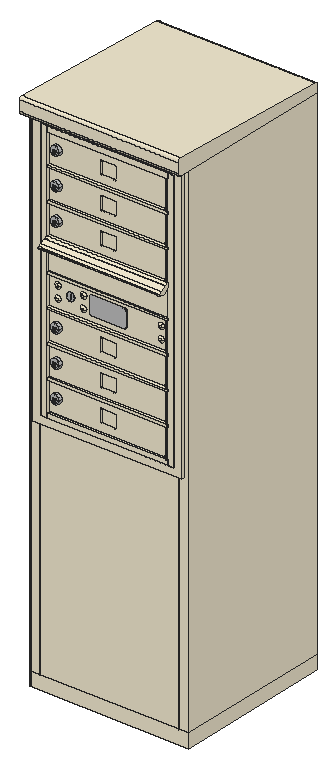
Revit family "Mailboxes_4C-Salsbury_Industries-Free_Standing-8_Door_High_Units", category Specialty Equipment, Revit 2016 (continued)
Definition of nested family "Mailboxes_4C-Salsbury_Industries-Front_Load-8_Door_High_Units"
  Definition of nested family "3700 Series 4C Door Configurations"
    Forms (in)
      Extrusion 4, void, detail levels fine
        sketch origin (0, -0.42383, 0) x (1, 0, 0) y (0, 0, 1)
          loop
            circle (-5.8125, 4.99523) r 0.285
        from 0 to -0.01562
      Extrusion 5, void, detail levels fine
        sketch origin (0, -0.42383, 0) x (1, 0, 0) y (0, 0, 1)
          loop
            line (-5.84183, 5.12353) -> (-5.84183, 4.82353) -> (-5.78183, 4.82353) -> (-5.78183, 5.12353) -> (-5.84183, 5.12353)
        from 0 to -0.03906
      Extrusion 6, void, detail levels fine
        sketch origin (0, -0.12695, 0) x (0, 0, 1) y (-1, 0, 0)
          loop
            arc (5.86523, 0.8475) -> (5.82862, 0.93589) -> (5.74023, 0.9725) r 0.125
            line (5.74023, 0.9725) -> (4.49023, 0.9725)
            arc (4.49023, 0.9725) -> (4.40185, 0.93589) -> (4.36523, 0.8475) r 0.125
            line (4.36523, 0.8475) -> (4.36523, -0.6525)
            arc (4.36523, -0.6525) -> (4.40185, -0.74089) -> (4.49023, -0.7775) r 0.125
            line (4.49023, -0.7775) -> (5.74023, -0.7775)
            arc (5.74023, -0.7775) -> (5.82862, -0.74089) -> (5.86523, -0.6525) r 0.125
            line (5.86523, -0.6525) -> (5.86523, 0.8475)
        from 0 to -0.03906
    Cuts and joins
      Extrusion 4, Extrusion 5 cuts Blend 2
      Extrusion 6 cuts Extrusion 1
    Lines and regions (in)
      symbolic lines
        curve 1: circle (-5.8125, 0, 5.11523) r 0.53054 normal (0, -1, 0)
    Dimensions and locks (in)
      equal spacing: plane 6 "Back Face of Door", plane 1 "Center (Front/Back)", plane 7 "Front Face of Door"
      "Door Depth": plane 6 "Back Face of Door" to plane 7 "Front Face of Door"
      equal spacing: plane 4 "Left Side Face of Door", plane 3 "Center (Left/Right)", plane 5 "Right Side Face of Door"  (x2)
      "Door Width": plane 4 "Left Side Face of Door" to plane 5 "Right Side Face of Door"
      locked: plane 7 "Front Face of Door" to plane 10 "Face of Divider" at 0.343
      "Center Lock-Vertical": plane 4 "Left Side Face of Door" to plane 11 "Center Lock Vertical"
      "Inset Offset": plane 16 "Inset Offset" to plane 7 "Front Face of Door"
      plane 4 "Left Side Face of Door" to plane 5 "Right Side Face of Door" = 13.375"
      plane 6 "Back Face of Door" to plane 10 "Face of Divider" = 0.59691"
      "Door Height": plane 8 to plane 2 "Bottom of Door"
      equal spacing: plane 8, plane 9, plane 2 "Bottom of Door"
      locked: plane 14 "Divider Height Align" to plane 8 at 0.27
      plane 17 to plane 9 to plane 18 = 0.37515" locked, 0.37452" locked
      aligned and locked: level to plane 2 "Bottom of Door"
      aligned and locked: plane 4 "Left Side Face of Door" to Extrusion 1
      aligned and locked: plane 6 "Back Face of Door" to Extrusion 1
      aligned and locked: plane 7 "Front Face of Door" to Extrusion 1
      aligned and locked: plane 8 to Extrusion 1
      aligned and locked: Extrusion 3 sketch curve to plane 4 "Left Side Face of Door"
      aligned and locked: Extrusion 3 sketch curve to plane 6 "Back Face of Door"
      aligned and locked: plane 5 "Right Side Face of Door" to Extrusion 3 sketch curve
      aligned and locked: Extrusion 3 to plane 8
      aligned and locked: plane 10 "Face of Divider" to Extrusion 3 sketch curve
      aligned and locked: plane 14 "Divider Height Align" to Extrusion 3
      aligned and locked: cut or joined group of Extrusion 1, Extrusion 6 to plane 2 "Bottom of Door"
      aligned and locked: plane 18 to text3d elem
    Automatic sketch dimensions
      Extrusion 1 sketch curve to plane 4 "Left Side Face of Door" = 0.000"
      Extrusion 1 sketch curve to plane 6 "Back Face of Door" = 0.000"
      Extrusion 1 sketch curve to plane 7 "Front Face of Door" = 0.000"
      Extrusion 1 sketch curve to plane 5 "Right Side Face of Door" = 0.000"
      Extrusion 1 sketch curve to plane 4 "Left Side Face of Door" = 0.252"
      plane 5 "Right Side Face of Door" to Extrusion 1 sketch curve = 0.63125"
      Extrusion 1 sketch curve to plane 7 "Front Face of Door" = 0.10935"
      plane 5 "Right Side Face of Door" to Extrusion 1 sketch curve = 0.195"
      Extrusion 1 sketch curve to plane 7 "Front Face of Door" = 0.14468"
      plane 10 "Face of Divider" to Extrusion 1 sketch curve = 0.12271"
      plane 1 "Center (Front/Back)" to Extrusion 1 sketch curve = 0.05445"
      plane 10 "Face of Divider" to Extrusion 1 sketch curve = 0.16676"
      Blend 2 sketch curve to plane 9 = 0.000"  (x2)
      plane 11 "Center Lock Vertical" to Blend 2 sketch curve = 0.000"  (x2)
      plane 11 "Center Lock Vertical" to Extrusion 4 sketch curve = 0.000"
      Extrusion 4 sketch curve to plane 9 = 0.120"
      Extrusion 4 sketch curve to Extrusion 4 sketch curve = 0.285"
      plane 11 "Center Lock Vertical" to Extrusion 5 sketch curve = 0.02933"
      Extrusion 5 sketch curve to plane 11 "Center Lock Vertical" = 0.03067"
      Extrusion 5 sketch curve to plane 9 = 0.2917"
      plane 9 to Extrusion 5 sketch curve = 0.0083"
      Extrusion 6 sketch curve to plane 9 = 0.750"
      Extrusion 6 sketch curve to Extrusion 6 sketch curve = 0.125"  (x3)
      plane 9 to Extrusion 6 sketch curve = 0.625"  (x2)
      plane 3 "Center (Left/Right)" to Extrusion 6 sketch curve = 0.7775"
      plane 15 "Inset Center" to Extrusion 6 sketch curve = 0.750"
      curve 1 to plane 9 = 0.000"
      plane 11 "Center Lock Vertical" to curve 1 = 0.000"
      radius of Blend 2 sketch curve = 0.525"
      radius of Blend 2 sketch curve = 0.485"
      radius of curve 1 = 0.53054"
  Definition of nested family "3700 Series 4C OM2 Configuration"
    Parameters (values of type "OM2-FL")
      Weight = ""
      URL = ""
      Access Lock Offset = 0.000"
      Access Lock = yes
      Model = "3700OM2-FL"
      Manufacturer = "Salsbury Industries"
      Lock Material = none
      Front Panel Material = none
      Door Width = 13.375"
      Door Number [instance] = "101"
      Door Height = 7.00047"
      Door Depth = 0.25391"
      Description = "OM2 Door for 3700 Series 4C Mailboxes-Front Loading"
      Cost = 0
      Center Lock-Vertical = 2.360"
      Center Lock-Horizontal = 1.61523"
    Types (3): name | Access Lock Offset | Access Lock | Model | Description
      (no name) | 0.000" | yes | "3700OM2-FL" | "OM2 Door for 3700 Series 4C Mailboxes-Front Loading"
      OM2-FL | 0.000" | yes | "3700OM2-FL" | "OM2 Door for 3700 Series 4C Mailboxes-Front Loading"
      OM2-RL | 0.3125" | no | "3700OM2-RL" | "OM2 Door for 3700 Series 4C Mailboxes-Rear Loading"
    Reference planes (in)
      plane 1 "Center (Front/Back)": y = 0
      plane 2 "Bottom of Door": z = 0
      plane 3 "Center (Left/Right)": x = 0
      plane 4 "Left Side Face of Door": x = -6.6875
      plane 5 "Right Side Face of Door": x = 6.6875
      plane 6 "Back Face of Door": y = 0.12695
      plane 7 "Front Face of Door": y = -0.12695
      plane 8: z = 3.23047
      plane 9: z = 1.61523
      plane 10: y = -0.46995
      plane 11 "Center Lock Vertical": x = -4.3275
      plane 12 "Center Lock Horizontal": z = 1.61523
      plane 13 "Face of Lock": y = -0.42383
      plane 14 "Divider Height Align": z = 3.50047
      plane 15 "Plate Center": x = -0.16063
      plane 16 "Left Stud Align": x = -5.7025
      plane 17 "Right Stud Align": x = -2.8895
      plane 18 "Top Stud Align": z = 2.27147
      plane 19 "Bottom Stud Align": z = 0.95947
      plane 20 "Hinge Stud Align": x = 5.6875
      plane 21 "Mail Plate Top": z = 2.61547
      plane 22 "Mail Plate Bottom": z = 0.61547
      plane 23: x = -2.1595
      plane 24: x = 1.8405
      plane 25 "Face of Mail Plate": y = -0.16602
      plane 26 "Top of Mail Drop Door": z = 6.73094
      plane 27 "Top of Mail Drop Divider": z = 7.00047
      plane 28 "Face of Mail Drop": y = -0.31995
      plane 29 "Top of Mail Slot": z = 6.42087
      plane 30 "Bottom of Mail Slot": z = 5.67087
      plane 31 "Left Edge of Mail Slot": x = -5.3755
      plane 32 "Right Edge of Mail Slot": x = 5.3755
      plane 33 "Mail Slot Bottom Protusion": z = 6.50987
      plane 34: y = -0.49395
      plane 35: z = 6.15637
      plane 36 "Front of Awning": y = -1.63495
      plane 37: y = -1.15685
      plane 38 "Mail Slot Slope": through (-240, -0.44582, 6.9722) normal (0, -0.5, 0.866)
      plane 39 "Access Lock Offset": y = 0.12695
    Forms (in)
      Extrusion 1, solid, material <- "Front Panel Material"
        sketch origin (0, 0, 0) x (1, 0, 0) y (0, 1, 0)
          loop
            line (-6.4355, 0.12695) -> (-6.6875, -0.05445) -> (-6.6875, -0.12695) -> (6.05625, -0.12695)
            arc (6.05625, -0.12695) -> (6.19558, -0.17661) -> (6.27209, -0.3032) r 0.22029
            arc (6.27209, -0.3032) -> (6.3553, -0.42132) -> (6.4925, -0.46664) r 0.23034
            arc (6.4925, -0.46664) -> (6.63039, -0.40952) -> (6.6875, -0.27164) r 0.195
            line (6.6875, -0.27164) -> (6.6875, 0.12695) -> (-6.4355, 0.12695)
        from 0 to 3.23047
      Extrusion 2, solid, material <- "Front Panel Material"
        sketch origin (0, 0, 3.50047) x (-1, 0, 0) y (0, -1, 0)
          loop
            line (6.6875, -0.12695) -> (6.6875, 0.46995) -> (-6.6875, 0.46995) -> (-6.6875, -0.12695) -> (6.6875, -0.12695)
        from -0.27 to 0
      Extrusion 3, void
        sketch origin (0, 0.12695, 0) x (0, 0, -1) y (-1, 0, 0)
          loop
            circle (-1.61523, 4.3275) r 0.4375
        from 0 to -0.25391
      Extrusion 4, solid, material <- "Lock Material", visible <- "Access Lock"
        sketch origin (0, 0.12695, 0) x (0, 0, -1) y (-1, 0, 0)
          loop
            circle (-1.61523, 4.3275) r 0.42913
        from 0 to -0.25391
      Extrusion 5, void, detail levels fine
        sketch origin (0, 0.12695, 3.4) x (-1, 0, 0) y (0, 0, 1)
          loop
            line (4.3568, -1.47517) -> (4.2982, -1.47517) -> (4.2982, -2.09436) -> (4.3568, -2.09436) -> (4.3568, -1.47517)
        from -0.12695 to -0.25391
      Blend 6, solid, material <- "Front Panel Material", detail levels medium+fine
        base sketch origin (0, -0.12695, 2.68123) x (-1, 0, 0) y (0, 0, 1)
          loop
            circle (5.7025, -0.40977) r 0.15665
        top sketch origin (0, -0.12695, 2.68123) x (-1, 0, 0) y (0, 0, 1)
          loop
            circle (5.7025, -0.40977) r 0.3125
        from -0.11328 to 0
      Blend 7, solid, material <- "Front Panel Material", detail levels medium+fine
        base sketch origin (1.3125, -0.12695, 2.68123) x (-1, 0, 0) y (0, 0, 1)
          loop
            circle (4.202, -0.40977) r 0.15665
        top sketch origin (1.3125, -0.12695, 2.68123) x (-1, 0, 0) y (0, 0, 1)
          loop
            circle (4.202, -0.40977) r 0.3125
        from -0.11328 to 0
      Blend 8, solid, material <- "Front Panel Material", detail levels medium+fine
        base sketch origin (0, -0.12695, 1.36923) x (-1, 0, 0) y (0, 0, 1)
          loop
            circle (5.7025, -0.40977) r 0.15665
        top sketch origin (0, -0.12695, 1.36923) x (-1, 0, 0) y (0, 0, 1)
          loop
            circle (5.7025, -0.40977) r 0.3125
        from -0.11328 to 0
      Blend 9, solid, material <- "Front Panel Material", detail levels medium+fine
        base sketch origin (1.3125, -0.12695, 1.36923) x (-1, 0, 0) y (0, 0, 1)
          loop
            circle (4.202, -0.40977) r 0.15665
        top sketch origin (1.3125, -0.12695, 1.36923) x (-1, 0, 0) y (0, 0, 1)
          loop
            circle (4.202, -0.40977) r 0.3125
        from -0.11328 to 0
      Blend 10, solid, material <- "Front Panel Material", detail levels medium+fine
        base sketch origin (9.8895, -0.12695, 2.68123) x (-1, 0, 0) y (0, 0, 1)
          loop
            circle (4.202, -0.40977) r 0.15665
        top sketch origin (9.8895, -0.12695, 2.68123) x (-1, 0, 0) y (0, 0, 1)
          loop
            circle (4.202, -0.40977) r 0.3125
        from -0.11328 to 0
      Blend 11, solid, material <- "Front Panel Material", detail levels medium+fine
        base sketch origin (9.8895, -0.12695, 1.36923) x (-1, 0, 0) y (0, 0, 1)
          loop
            circle (4.202, -0.40977) r 0.15665
        top sketch origin (9.8895, -0.12695, 1.36923) x (-1, 0, 0) y (0, 0, 1)
          loop
            circle (4.202, -0.40977) r 0.3125
        from -0.11328 to 0
      Extrusion 12, solid, material <- "Lock Material"
        sketch origin (0, -0.12695, 0) x (-1, 0, 0) y (0, 0, 1)
          loop
            line (1.96028, 2.61547) -> (-1.64128, 2.61547)
            arc (-1.64128, 2.61547) -> (-1.78215, 2.55712) -> (-1.8405, 2.41625) r 0.19922
            line (-1.8405, 2.41625) -> (-1.8405, 0.81469)
            arc (-1.8405, 0.81469) -> (-1.78215, 0.67382) -> (-1.64128, 0.61547) r 0.19922
            line (-1.64128, 0.61547) -> (1.96028, 0.61547)
            arc (1.96028, 0.61547) -> (2.10115, 0.67382) -> (2.1595, 0.81469) r 0.19922
            line (2.1595, 0.81469) -> (2.1595, 2.41625)
            arc (2.1595, 2.41625) -> (2.10115, 2.55712) -> (1.96028, 2.61547) r 0.19922
        from 0 to -0.03906
      Extrusion 13, solid, material <- "Front Panel Material"
        sketch origin (-2.13946, 0, 3.50047) x (-1, 0, 0) y (0, -1, 0)
          loop
            line (4.54804, -0.12695) -> (4.54804, 0.31995) -> (-8.82696, 0.31995) -> (-8.82696, -0.12695) -> (4.54804, -0.12695)
        from 0 to 3.0094
      Extrusion 14, void
        sketch origin (0, -0.31995, 0) x (0, 0, -1) y (-1, 0, 0)
          loop
            arc (-5.67087, 5.0005) -> (-6.04587, 5.3755) -> (-6.42087, 5.0005) r 0.375
            line (-6.42087, 5.0005) -> (-6.42087, -5.0005)
            arc (-6.42087, -5.0005) -> (-6.04587, -5.3755) -> (-5.67087, -5.0005) r 0.375
            line (-5.67087, -5.0005) -> (-5.67087, 5.0005)
        from 0 to 0.44691
      Extrusion 15, solid, material <- "Front Panel Material"
        sketch origin (0, 0, 0) x (0, 1, 0) y (0, 0, 1)
          loop
            line (0.12695, 6.50987) -> (0.12695, 7.00047) -> (-0.46995, 7.00047) -> (-0.75605, 6.83078) -> (-0.73973, 6.80251) -> (-1.27431, 6.49388) -> (-1.29063, 6.52214) -> (-1.61027, 6.3376)
            arc (-1.61027, 6.3376) -> (-1.63087, 6.31111) -> (-1.62714, 6.27777) r 0.04454
            line (-1.62714, 6.27777) -> (-1.5282, 6.17883)
            arc (-1.5282, 6.17883) -> (-1.4937, 6.16211) -> (-1.4558, 6.15637) r 0.12791
            line (-1.4558, 6.15637) -> (-1.10623, 6.15637) -> (-0.49395, 6.50987) -> (0.12695, 6.50987)
        from -6.6875 to 6.6875
    Cuts and joins
      Extrusion 3 cuts Extrusion 1
      Extrusion 5 cuts Extrusion 4
      Extrusion 14 cuts Extrusion 13
    Lines and regions (in)
      symbolic lines
        curve 1: circle (-5.7025, -0.12695, 2.27147) r 0.3125 normal (0, 1, 0)
        curve 2: circle (-5.7025, -0.12695, 0.95947) r 0.3125 normal (0, 1, 0)
        curve 3: circle (-2.8895, -0.12695, 0.95947) r 0.3125 normal (0, 1, 0)
        curve 4: circle (-2.8895, -0.12695, 2.27147) r 0.3125 normal (0, 1, 0)
        curve 5: circle (-4.3275, -0.12695, 1.61523) r 0.42913 normal (0, 1, 0)
        curve 6: circle (5.6875, -0.12695, 0.95947) r 0.3125 normal (0, 1, 0)
        curve 7: circle (5.6875, -0.12695, 2.27147) r 0.3125 normal (0, 1, 0)
        curve 8: arc (-2.1595, -0.12695, 2.41625) -> (-2.10115, -0.12695, 2.55712) -> (-1.96028, -0.12695, 2.61547) r 0.19922
        curve 9: arc (1.8405, -0.12695, 2.41625) -> (1.78215, -0.12695, 2.55712) -> (1.64128, -0.12695, 2.61547) r 0.19922
        curve 10: arc (1.8405, -0.12695, 0.81469) -> (1.78215, -0.12695, 0.67382) -> (1.64128, -0.12695, 0.61547) r 0.19922
        curve 11: arc (-1.96028, -0.12695, 0.61547) -> (-2.10115, -0.12695, 0.67382) -> (-2.1595, -0.12695, 0.81469) r 0.19922
        curve 12: line (-2.1595, -0.12695, 0.81469) -> (-2.1595, -0.12695, 2.41625)
        curve 13: line (-1.96028, -0.12695, 2.61547) -> (1.64128, -0.12695, 2.61547)
        curve 14: line (1.8405, -0.12695, 2.41625) -> (1.8405, -0.12695, 0.81469)
        curve 15: line (1.64128, -0.12695, 0.61547) -> (-1.96028, -0.12695, 0.61547)
    Dimensions and locks (in)
      equal spacing: plane 6 "Back Face of Door", plane 1 "Center (Front/Back)", plane 7 "Front Face of Door"
      "Door Depth": plane 6 "Back Face of Door" to plane 7 "Front Face of Door"
      equal spacing: plane 4 "Left Side Face of Door", plane 3 "Center (Left/Right)", plane 5 "Right Side Face of Door"
      "Door Width": plane 4 "Left Side Face of Door" to plane 5 "Right Side Face of Door"
      plane 8 to level = 3.23047"
      equal spacing: plane 8, plane 9, level
      locked: plane 7 "Front Face of Door" to plane 10 at 0.343
      "Center Lock-Vertical": plane 4 "Left Side Face of Door" to plane 11 "Center Lock Vertical"
      "Center Lock-Horizontal": plane 8 to plane 12 "Center Lock Horizontal"
      locked: plane 14 "Divider Height Align" to plane 8 at 0.27
      plane 4 "Left Side Face of Door" to plane 16 "Left Stud Align" to plane 17 "Right Stud Align" = 0.985", 2.813"
      plane 8 to plane 18 "Top Stud Align" to plane 19 "Bottom Stud Align" = 0.959", 1.312"
      plane 20 "Hinge Stud Align" to plane 5 "Right Side Face of Door" = 1.000"
      plane 8 to plane 21 "Mail Plate Top" to plane 22 "Mail Plate Bottom" = 0.615", 2.000"
      plane 4 "Left Side Face of Door" to plane 23 to plane 24 = 4.528", 4.000"
      plane 27 "Top of Mail Drop Divider" to plane 26 "Top of Mail Drop Door" to plane 14 "Divider Height Align" = 0.26953" locked, 3.23047"
      "Door Height": plane 27 "Top of Mail Drop Divider" to level
      plane 28 "Face of Mail Drop" to plane 10 = 0.150"
      locked: plane 27 "Top of Mail Drop Divider" to plane 29 "Top of Mail Slot" at 0.5796
      locked: plane 29 "Top of Mail Slot" to plane 30 "Bottom of Mail Slot" at 0.75
      locked: plane 4 "Left Side Face of Door" to plane 31 "Left Edge of Mail Slot" at 1.312
      locked: plane 32 "Right Edge of Mail Slot" to plane 5 "Right Side Face of Door" at 1.312
      locked: plane 33 "Mail Slot Bottom Protusion" to plane 29 "Top of Mail Slot" at 0.089
      plane 28 "Face of Mail Drop" to plane 34 = 0.174"
      plane 33 "Mail Slot Bottom Protusion" to plane 35 = 0.3535"
      plane 28 "Face of Mail Drop" to plane 36 "Front of Awning" = 1.315"
      plane 4 "Left Side Face of Door" to plane 5 "Right Side Face of Door" = 13.375"
      plane 6 "Back Face of Door" to plane 36 "Front of Awning" = 1.76191"
      "Access Lock Offset": plane 39 "Access Lock Offset" to plane 6 "Back Face of Door"
      aligned and locked: level to plane 2 "Bottom of Door"
      aligned and locked: plane 4 "Left Side Face of Door" to Extrusion 1
      aligned and locked: plane 6 "Back Face of Door" to Extrusion 1
      aligned and locked: plane 7 "Front Face of Door" to Extrusion 1
      aligned and locked: Extrusion 1 to level
      aligned and locked: plane 8 to Extrusion 1
      aligned and locked: Extrusion 2 sketch curve to plane 4 "Left Side Face of Door"
      aligned and locked: Extrusion 2 sketch curve to plane 6 "Back Face of Door"
      aligned and locked: plane 5 "Right Side Face of Door" to Extrusion 2 sketch curve
      aligned and locked: Extrusion 2 to plane 8
      aligned and locked: plane 10 to Extrusion 2 sketch curve
      aligned and locked: plane 14 "Divider Height Align" to Extrusion 2
      aligned and locked: plane 4 "Left Side Face of Door" to Extrusion 2
      aligned and locked: Extrusion 2 to plane 5 "Right Side Face of Door"
      aligned and locked: Extrusion 13 to plane 28 "Face of Mail Drop"
      aligned and locked: plane 29 "Top of Mail Slot" to Extrusion 14 sketch curve
      aligned and locked: cut or joined group of Extrusion 13, Extrusion 14 to cut or joined group of Extrusion 13, Extrusion 14
      aligned and locked: cut or joined group of Extrusion 1, Extrusion 3 to plane 2 "Bottom of Door"
    Automatic sketch dimensions
      Extrusion 1 sketch curve to plane 4 "Left Side Face of Door" = 0.000"
      Extrusion 1 sketch curve to plane 6 "Back Face of Door" = 0.000"
      Extrusion 1 sketch curve to plane 7 "Front Face of Door" = 0.000"
      Extrusion 1 sketch curve to plane 5 "Right Side Face of Door" = 0.000"
      Extrusion 1 sketch curve to plane 4 "Left Side Face of Door" = 0.252"
      Extrusion 1 sketch curve to plane 20 "Hinge Stud Align" = 0.36875"
      Extrusion 1 sketch curve to plane 25 "Face of Mail Plate" = 0.07029"
      plane 5 "Right Side Face of Door" to Extrusion 1 sketch curve = 0.195"
      Extrusion 1 sketch curve to plane 25 "Face of Mail Plate" = 0.10562"
      Extrusion 1 sketch curve to plane 13 "Face of Lock" = 0.07658"
      plane 1 "Center (Front/Back)" to Extrusion 1 sketch curve = 0.05445"
      Extrusion 1 sketch curve to plane 13 "Face of Lock" = 0.12063"
      Extrusion 5 sketch curve to plane 11 "Center Lock Vertical" = 0.0293"
      plane 11 "Center Lock Vertical" to Extrusion 5 sketch curve = 0.0293"
      Extrusion 5 sketch curve to plane 9 = 0.30959"
      plane 9 to Extrusion 5 sketch curve = 0.30959"
      plane 16 "Left Stud Align" to Blend 6 sketch curve = 0.000"  (x2)
      Blend 6 sketch curve to plane 18 "Top Stud Align" = 0.000"  (x2)
      plane 17 "Right Stud Align" to Blend 7 sketch curve = 0.000"  (x2)
      Blend 7 sketch curve to plane 18 "Top Stud Align" = 0.000"  (x2)
      plane 16 "Left Stud Align" to Blend 8 sketch curve = 0.000"  (x2)
      Blend 8 sketch curve to plane 19 "Bottom Stud Align" = 0.000"  (x2)
      plane 17 "Right Stud Align" to Blend 9 sketch curve = 0.000"  (x2)
      Blend 9 sketch curve to plane 19 "Bottom Stud Align" = 0.000"  (x2)
      Blend 10 sketch curve to plane 18 "Top Stud Align" = 0.000"  (x2)
      plane 20 "Hinge Stud Align" to Blend 10 sketch curve = 0.000"  (x2)
      Blend 11 sketch curve to plane 19 "Bottom Stud Align" = 0.000"  (x2)
      plane 20 "Hinge Stud Align" to Blend 11 sketch curve = 0.000"  (x2)
      plane 24 to Extrusion 12 sketch curve = 0.000"
      Extrusion 12 sketch curve to plane 22 "Mail Plate Bottom" = 0.000"
      Extrusion 12 sketch curve to plane 21 "Mail Plate Top" = 0.000"
      plane 23 to Extrusion 12 sketch curve = 0.000"
      plane 24 to Extrusion 12 sketch curve = 0.19922"  (x2)
      plane 18 "Top Stud Align" to Extrusion 12 sketch curve = 0.14478"
      Extrusion 12 sketch curve to plane 23 = 0.19922"
      Extrusion 13 sketch curve to plane 5 "Right Side Face of Door" = 0.000"
      Extrusion 13 sketch curve to plane 4 "Left Side Face of Door" = 0.000"
      Extrusion 13 sketch curve to plane 6 "Back Face of Door" = 0.000"
      Extrusion 13 sketch curve to plane 7 "Front Face of Door" = 0.193"
      Extrusion 14 sketch curve to plane 30 "Bottom of Mail Slot" = 0.000"
      plane 32 "Right Edge of Mail Slot" to Extrusion 14 sketch curve = 0.375"
      Extrusion 14 sketch curve to plane 31 "Left Edge of Mail Slot" = 0.375"
      Extrusion 15 sketch curve to plane 35 = 0.000"
      Extrusion 15 sketch curve to plane 33 "Mail Slot Bottom Protusion" = 0.000"
      Extrusion 15 sketch curve to plane 34 = 0.000"
      Extrusion 15 sketch curve to plane 27 "Top of Mail Drop Divider" = 0.000"
      Extrusion 15 sketch curve to plane 6 "Back Face of Door" = 0.000"
      plane 26 "Top of Mail Drop Door" to Extrusion 15 sketch curve = 0.07158"
      Extrusion 15 sketch curve to plane 34 = 0.24578"
      plane 26 "Top of Mail Drop Door" to Extrusion 15 sketch curve = 0.09984"
      Extrusion 15 sketch curve to Extrusion 15 sketch curve = 0.01632"
      plane 37 to Extrusion 15 sketch curve = 0.05062"
      Extrusion 15 sketch curve to plane 33 "Mail Slot Bottom Protusion" = 0.01599"
      plane 33 "Mail Slot Bottom Protusion" to Extrusion 15 sketch curve = 0.01227"
      plane 36 "Front of Awning" to Extrusion 15 sketch curve = 0.17915"
      plane 35 to Extrusion 15 sketch curve = 0.02246"
      Extrusion 15 sketch curve to Extrusion 15 sketch curve = 0.0724"
      plane 36 "Front of Awning" to Extrusion 15 sketch curve = 0.04696"
      plane 36 "Front of Awning" to Extrusion 15 sketch curve = 0.02469"
      plane 36 "Front of Awning" to Extrusion 15 sketch curve = 0.00781"
      Extrusion 15 sketch curve to Extrusion 15 sketch curve = 0.05983"
      Extrusion 4 sketch curve to plane 9 = 0.000"
      plane 11 "Center Lock Vertical" to Extrusion 4 sketch curve = 0.000"
      Extrusion 3 sketch curve to plane 9 = 0.000"
      plane 11 "Center Lock Vertical" to Extrusion 3 sketch curve = 0.000"
      curve 6 to plane 19 "Bottom Stud Align" = 0.000"
      plane 20 "Hinge Stud Align" to curve 6 = 0.000"
      curve 7 to plane 18 "Top Stud Align" = 0.000"
      plane 20 "Hinge Stud Align" to curve 7 = 0.000"
      plane 24 to curve 14 = 0.000"
      curve 9 to plane 21 "Mail Plate Top" = 0.000"
      curve 11 to plane 22 "Mail Plate Bottom" = 0.000"
      plane 23 to curve 12 = 0.000"
      plane 17 "Right Stud Align" to curve 4 = 0.000"
      plane 17 "Right Stud Align" to curve 3 = 0.000"
      curve 5 to plane 9 = 0.000"
      plane 11 "Center Lock Vertical" to curve 5 = 0.000"
      plane 16 "Left Stud Align" to curve 1 = 0.000"
      plane 16 "Left Stud Align" to curve 2 = 0.000"
      curve 2 to plane 19 "Bottom Stud Align" = 0.000"
      curve 3 to plane 19 "Bottom Stud Align" = 0.000"
      curve 1 to plane 18 "Top Stud Align" = 0.000"
      curve 4 to plane 18 "Top Stud Align" = 0.000"
      plane 18 "Top Stud Align" to curve 9 = 0.14478"
      curve 10 to plane 19 "Bottom Stud Align" = 0.14478"
      plane 18 "Top Stud Align" to curve 8 = 0.14478"
      curve 11 to plane 19 "Bottom Stud Align" = 0.14478"
      radius of Blend 6 sketch curve = 0.15665"
      radius of Blend 6 sketch curve = 0.3125"
      radius of Blend 7 sketch curve = 0.15665"
      radius of Blend 7 sketch curve = 0.3125"
      radius of Blend 8 sketch curve = 0.15665"
      radius of Blend 8 sketch curve = 0.3125"
      radius of Blend 9 sketch curve = 0.15665"
      radius of Blend 9 sketch curve = 0.3125"
      radius of Blend 10 sketch curve = 0.15665"
      radius of Blend 10 sketch curve = 0.3125"
      radius of Blend 11 sketch curve = 0.15665"
      radius of Blend 11 sketch curve = 0.3125"
      radius of Extrusion 4 sketch curve = 0.42913"
      radius of Extrusion 3 sketch curve = 0.4375"
      radius of curve 1 = 0.3125"
      radius of curve 2 = 0.3125"
      radius of curve 3 = 0.3125"
      radius of curve 4 = 0.3125"
      radius of curve 5 = 0.42913"
      radius of curve 6 = 0.3125"
      radius of curve 7 = 0.3125"
Types (11): name | Width | Model | Door Slot R8 Number | Door Slot R7 Number | Door Slot R6 Number | Door Slot R4 Number | Door Slot R3 Number | Door Slot R2 Number | Door Slot R1 Number | Door Slot L8 Number | Door Slot L7 Number | Door Slot L6 Number | Door Slot L5 Number | Door Slot L4 Number | Door Slot L3 Number | Door Slot L2 Number | Door Slot L1 Number | Description | 4C Unit
  3908S-06 | 17.496" | "3908S-06" | "6" | "5" | "4" | "0" | "3" | "2" | "1" | "0" | "0" | "0" | "0" | "0" | "0" | "0" | "0" | "8 Door High Unit:  6 MB1, OM2" | Mailboxes_4C-Salsbury_Industries-Front_Load-8_Door_High_Units : 3708S-06 FL
  3908D-14 | 32.250" | "3908D-14" | "14" | "13" | "12" | "0" | "11" | "10" | "9" | "8" | "7" | "6" | "5" | "4" | "3" | "2" | "1" | "8 Door High Unit:  14 MB1, OM2" | Mailboxes_4C-Salsbury_Industries-Front_Load-8_Door_High_Units : 3708D-14 FL
  3908D-13 | 32.250" | "3908D-13" | "13" | "12" | "0" | "0" | "11" | "10" | "9" | "8" | "7" | "6" | "5" | "4" | "3" | "2" | "1" | "8 Door High Unit:  13 MB1, OM3" | Mailboxes_4C-Salsbury_Industries-Front_Load-8_Door_High_Units : 3708D-13 FL
  3908D-09 | 32.250" | "3908D-09" | "9" | "8" | "7" | "0" | "6" | "5" | "4" | "1P" | "0" | "0" | "0" | "0" | "3" | "2" | "1" | "8 Door High Unit:  9 MB1, 1 PL5, OM2" | Mailboxes_4C-Salsbury_Industries-Front_Load-8_Door_High_Units : 3708D-09 FL
  3908D-07 | 32.250" | "3908D-07" | "7" | "0" | "6" | "0" | "0" | "5" | "0" | "4" | "0" | "3" | "0" | "2" | "0" | "1" | "0" | "8 Door High Unit:  7 MB2, OM2" | Mailboxes_4C-Salsbury_Industries-Front_Load-8_Door_High_Units : 3708D-07 FL
  3908D-04 | 32.250" | "3908D-04" | "4" | "0" | "3" | "0" | "0" | "2" | "0" | "1P" | "0" | "0" | "0" | "0" | "0" | "1" | "0" | "8 Door High Unit:  4 MB2, 1 PL6, OM2" | Mailboxes_4C-Salsbury_Industries-Front_Load-8_Door_High_Units : 3708D-04 FL
  3908S-03 | 17.496" | "3908S-03" | "3" | "0" | "2" | "0" | "0" | "1" | "0" | "0" | "0" | "0" | "0" | "0" | "0" | "0" | "0" | "8 Door High Unit:  3 MB2, OM2" | Mailboxes_4C-Salsbury_Industries-Front_Load-8_Door_High_Units : 3708S-03 FL
  3908S-01 | 17.496" | "3908S-01" | "1P" | "0" | "0" | "0" | "0" | "0" | "1" | "0" | "0" | "0" | "0" | "0" | "0" | "0" | "0" | "8 Door High Unit:  1 MB1, 1 PL5, OM2" | Mailboxes_4C-Salsbury_Industries-Front_Load-8_Door_High_Units : 3708S-01 FL
  3908S-2P | 17.496" | "3908S-2P" | "2P" | "0" | "0" | "1P" | "0" | "0" | "0" | "0" | "0" | "0" | "0" | "0" | "0" | "0" | "0" | "8 Door High Unit:  2 PL4" | Mailboxes_4C-Salsbury_Industries-Front_Load-8_Door_High_Units : 3708S-2P FL
  3908S-1B | 17.496" | "3908S-1B" | "0" | "0" | "0" | "0" | "0" | "0" | "0" | "0" | "0" | "0" | "0" | "0" | "0" | "0" | "0" | "8 Door High Unit:  1 Receptacle Bin" | Mailboxes_4C-Salsbury_Industries-Front_Load-8_Door_High_Units : 3708S-1B FL
  3908S-1C | 17.496" | "3908S-1C" | "0" | "0" | "0" | "0" | "0" | "0" | "0" | "0" | "0" | "0" | "0" | "0" | "0" | "0" | "0" | "8 Door High Unit:  1 Collection Box" | Mailboxes_4C-Salsbury_Industries-Front_Load-8_Door_High_Units : 3708S-1C FL
